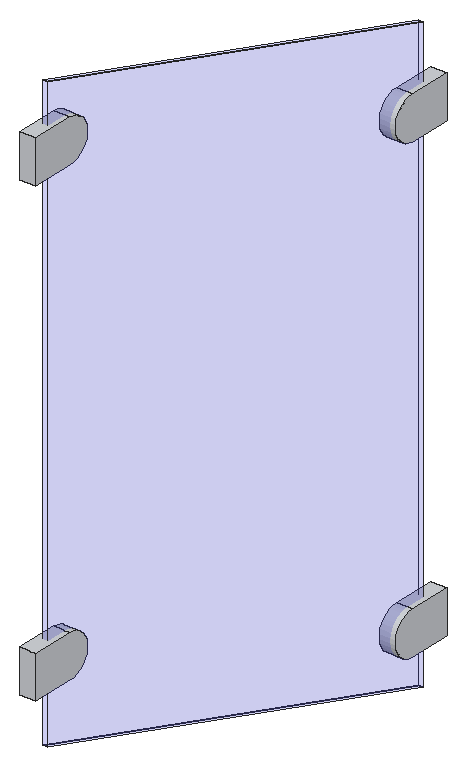
Revit family "2d4ad07485f94edeb7c18578a89f62db", category Balusters, Revit 2021
Family settings
  OmniClass Number = 23.30.80.11.11.11
  OmniClass Title = Infill Panels
  Seek Item ID = Baluster Panel - Glass w Brackets-0000-USA-ENU
  Always vertical = Yes
  Cut with Voids When Loaded = No
  Shared = No
Parameters (values of type "24" w 1" Gap")
  built-in parameter 1008623 [instance] = (empty or 0)
  Thickness [instance] = 0' - 0 1/4"
  built-in parameter 1008625 [instance] = 18.00°
  Post = no
  Panel Material = Glass
  Width [instance] = 2' - 0"
  Panel Gap = 0' - 1"
  Bracket Offset = 0' - 4"
  Bracket Material = none
  built-in parameter 1008624 [instance] = (empty or 0)
  built-in parameter 1008622 [instance] = 2' - 6"
Types (3): name | Width
  (no name) | 2' - 0"
  24" w 1" Gap | 2' - 0"
  18" w 1" Gap | 1' - 6"
Reference planes (in)
  plane 1 "Center (Front/Back)": y = 0
  plane 2: z = 0
  plane 3 "Center (Left/Right)": x = 0.125
  plane 4 "Top": z = 30
  plane 5 "Slope Angle (Top)": through (0, 8.81678, 27.13525) normal (0, -0.309, -0.9511)
  plane 6 "Slope Angle (Bottom)": through (0, 0, 0) normal (0, -0.309, -0.9511)
  plane 7 "Front": y = 12
  plane 8 "Back": y = -12
  plane 9: x = 0
  plane 10: x = 0.25
  plane 11: x = -0.25
  plane 12: x = 0.5
Forms (in)
  Extrusion 1, solid, material "Glass" <- "Panel Material"
    sketch origin (0.125, 0, 0) x (0, 1, 0) y (0, 0, 1)
      loop
        line (11, -2.52265) -> (11, 25.37442) -> (-11, 32.52265) -> (-11, 4.62558) -> (11, -2.52265)
    from -0.125 to 0.125
  Extrusion 2, solid, material <- "Bracket Material"
    sketch origin (0.125, 0, 0) x (0, 1, 0) y (0, 0, 1)
      loop
        line (12, 1.30681) -> (10, 1.30681)
        arc (10, 1.30681) -> (9, 0.30681) -> (10, -0.69319) r 1
        line (10, -0.69319) -> (12, -0.69319) -> (12, 1.30681)
    from -0.375 to 0.375
  Extrusion 3, solid, material <- "Bracket Material"
    sketch origin (0.125, 0, 0) x (0, 1, 0) y (0, 0, 1)
      loop
        line (-12, 9.10489) -> (-12, 7.10489) -> (-10, 7.10489)
        arc (-10, 7.10489) -> (-9, 8.10489) -> (-10, 9.10489) r 1
        line (-10, 9.10489) -> (-12, 9.10489)
    from -0.375 to 0.375
  Extrusion 4, solid, material <- "Bracket Material"
    sketch origin (0.125, 0, 0) x (0, 1, 0) y (0, 0, 1)
      loop
        line (12, 22.89511) -> (10, 22.89511)
        arc (10, 22.89511) -> (9, 21.89511) -> (10, 20.89511) r 1
        line (10, 20.89511) -> (12, 20.89511) -> (12, 22.89511)
    from -0.375 to 0.375
  Extrusion 5, solid, material <- "Bracket Material"
    sketch origin (0.125, 0, 0) x (0, 1, 0) y (0, 0, 1)
      loop
        line (-12, 30.69319) -> (-12, 28.69319) -> (-10, 28.69319)
        arc (-10, 28.69319) -> (-9, 29.69319) -> (-10, 30.69319) r 1
        line (-10, 30.69319) -> (-12, 30.69319)
    from -0.375 to 0.375
Lines and regions (in)
  model lines, style "InvisibleLines"
    curve 1: line (0.125, 12, 25.0495) -> (0.125, -12, 32.84757)
    curve 2: line (0.125, 12, -2.84757) -> (0.125, -12, 4.9505)
    curve 3: line (0.125, 11, -3.57412) -> (0.125, 11, 26.42588)
    curve 4: line (0.125, -11, 3.57412) -> (0.125, -11, 33.57412)
  symbolic lines, style "InvisibleLines"
    curve 5: line (0, 12, 0.30681) -> (0, -12, 8.10489)
    curve 6: line (0, 12, 21.89511) -> (0, -12, 29.69319)
Text (in)
  text "Baluster Panel Elevation" at (0, 50.35978, 48.5925), in view "Left"
Dimensions and locks (in)
  "built-in parameter 1008622": plane 2 to plane 4 "Top"
  "Width": plane 8 "Back" to plane 7 "Front"
  equal spacing: plane 8 "Back", plane 1 "Center (Front/Back)", plane 7 "Front"
  "Thickness": plane 9 to plane 10
  equal spacing: plane 9, plane 3 "Center (Left/Right)", plane 10
  "Panel Gap": curve 1 to plane 5 "Slope Angle (Top)"  (x2)
  "Panel Gap": plane 6 "Slope Angle (Bottom)" to curve 2  (x2)
  "Panel Gap": plane 7 "Front" to curve 3  (x2)
  "Panel Gap": curve 4 to plane 8 "Back"  (x2)
  "Bracket Offset": plane 6 "Slope Angle (Bottom)" to curve 5  (x2)
  locked: curve 5 to Extrusion 2 sketch curve at 1
  locked: Extrusion 2 sketch curve to curve 5 at 1
  locked: plane 11 to plane 9 at 0.25
  locked: plane 10 to plane 12 at 0.25
  locked: Extrusion 3 sketch curve to curve 5 at 1
  locked: curve 5 to Extrusion 3 sketch curve at 1
  "Bracket Offset": curve 6 to plane 5 "Slope Angle (Top)"  (x2)
  locked: curve 6 to Extrusion 4 sketch curve at 1
  locked: Extrusion 4 sketch curve to curve 6 at 1
  locked: Extrusion 5 sketch curve to curve 6 at 1
  locked: curve 6 to Extrusion 5 sketch curve at 1
  "built-in parameter 1008625": angle plane 4 "Top" to plane 5 "Slope Angle (Top)"
  "built-in parameter 1008625": angle level to plane 6 "Slope Angle (Bottom)"
  aligned and locked: plane 9 to Extrusion 1
  aligned and locked: Extrusion 1 to plane 10
  aligned and locked: plane 8 "Back" to curve 2
  aligned and locked: plane 7 "Front" to curve 2
  aligned and locked: plane 5 "Slope Angle (Top)" to curve 4
  aligned and locked: plane 6 "Slope Angle (Bottom)" to curve 4
  aligned and locked: plane 5 "Slope Angle (Top)" to curve 3
  aligned and locked: plane 6 "Slope Angle (Bottom)" to curve 3
  aligned and locked: curve 1 to Extrusion 1 sketch curve
  aligned and locked: Extrusion 1 sketch curve to curve 2
  aligned and locked: Extrusion 1 sketch curve to curve 4
  aligned and locked: curve 3 to Extrusion 1 sketch curve
  aligned and locked: plane 8 "Back" to curve 5
  aligned and locked: plane 7 "Front" to Extrusion 2 sketch curve
  aligned and locked: plane 11 to Extrusion 2
  aligned and locked: Extrusion 2 to plane 12
  aligned and locked: Extrusion 3 to plane 12
  aligned and locked: plane 11 to Extrusion 3
  aligned and locked: plane 8 "Back" to curve 6
  aligned and locked: plane 7 "Front" to curve 6
  aligned and locked: Extrusion 4 sketch curve to plane 7 "Front"
  aligned and locked: plane 11 to Extrusion 5
  aligned and locked: Extrusion 5 to plane 12
  aligned and locked: plane 11 to Extrusion 4
  aligned and locked: Extrusion 4 to plane 12
Automatic sketch dimensions
  plane 7 "Front" to Extrusion 2 sketch curve = 0' - 2"
  Extrusion 3 sketch curve to plane 8 "Back" = 0' - 0"
  Extrusion 3 sketch curve to Extrusion 3 sketch curve = 0' - 2"
  curve 5 to plane 7 "Front" = 0' - 0"
  curve 1 to plane 7 "Front" = 0' - 0"
  curve 1 to plane 8 "Back" = 0' - 0"
  plane 7 "Front" to Extrusion 4 sketch curve = 0' - 2"
  Extrusion 5 sketch curve to plane 8 "Back" = 0' - 0"
  Extrusion 5 sketch curve to Extrusion 5 sketch curve = 0' - 2"
